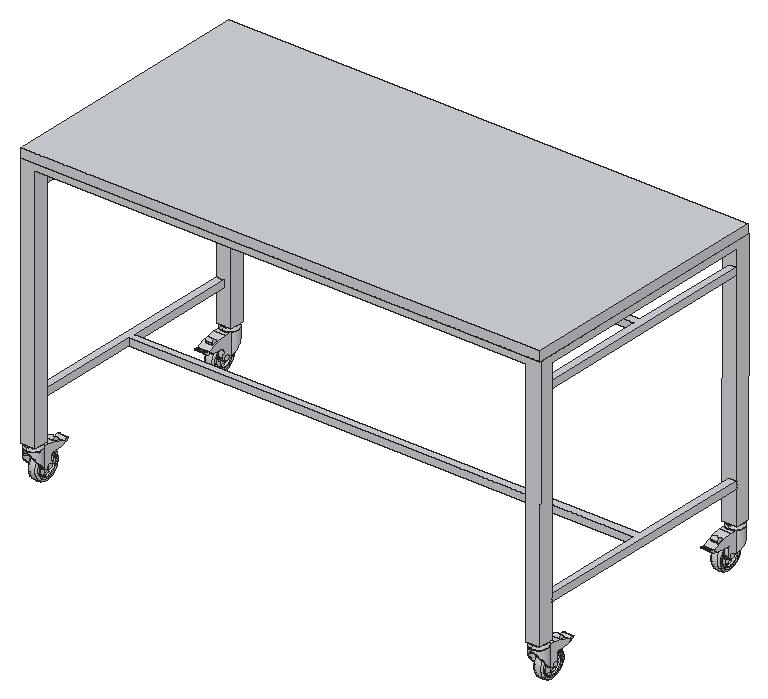
Revit family "Falcon-Table-80TS_1440", category Furniture, Revit 2017
Family settings
  OmniClass Number = 23.40.20.00
  OmniClass Title = General Furniture and Specialties
  Work Plane-Based = No
  Always vertical = Yes
  Cut with Voids When Loaded = No
  Shared = No
  Room Calculation Point = No
Parameters (values of type "36 x 72 x 42 wCasters")
  with Casters = yes
  Width A = 36.00"
  URL = "URL"
  Table Board Material [instance] = none
  Product Documentation Link = "URL"
  Model = "80ST-1440-367242-C"
  Manufacturer = "Manuf"
  Legs Offset = if(with Casters, 5.31", 0.00")  # 5.31"
  Keynote = ""
  Height F = 42.00"
  Frame Material [instance] = none
  Description = "Descripion"
  Depth B = 72.00"
  Copyright © = "Inc"
  Assembly Code = "E2020200"
Types (54): name | with Casters | Width A | Model | Legs Offset | Height F | Depth B
  24 x 48 x 29 | no | 24.00" | "80ST-1440-244830" | 0.00" | 29.00" | 48.00"
  24 x 48 x 36 | no | 24.00" | "80ST-1440-244836" | 0.00" | 36.00" | 48.00"
  24 x 48 x 42 | no | 24.00" | "80ST-1440-244842" | 0.00" | 42.00" | 48.00"
  24 x 60 x 29 | no | 24.00" | "80ST-1440-246030" | 0.00" | 29.00" | 60.00"
  24 x 60 x 36 | no | 24.00" | "80ST-1440-246036" | 0.00" | 36.00" | 60.00"
  24 x 60 x 42 | no | 24.00" | "80ST-1440-246042" | 0.00" | 42.00" | 60.00"
  24 x 72 x 29 | no | 24.00" | "80ST-1440-247230" | 0.00" | 29.00" | 72.00"
  24 x 72 x 36 | no | 24.00" | "80ST-1440-247236" | 0.00" | 36.00" | 72.00"
  24 x 72 x 42 | no | 24.00" | "80ST-1440-247242" | 0.00" | 42.00" | 72.00"
  30 x 48 x 29 | no | 30.00" | "80ST-1440-304830" | 0.00" | 29.00" | 48.00"
  30 x 48 x 36 | no | 30.00" | "80ST-1440-304836" | 0.00" | 36.00" | 48.00"
  30 x 48 x 42 | no | 30.00" | "80ST-1440-304842" | 0.00" | 42.00" | 48.00"
  30 x 60 x 29 | no | 30.00" | "80ST-1440-306030" | 0.00" | 29.00" | 60.00"
  30 x 60 x 36 | no | 30.00" | "80ST-1440-306036" | 0.00" | 36.00" | 60.00"
  30 x 60 x 42 | no | 30.00" | "80ST-1440-306042" | 0.00" | 42.00" | 60.00"
  30 x 72 x 29 | no | 30.00" | "80ST-1440-307230" | 0.00" | 29.00" | 72.00"
  30 x 72 x 36 | no | 30.00" | "80ST-1440-307236" | 0.00" | 36.00" | 72.00"
  30 x 72 x 42 | no | 30.00" | "80ST-1440-307242" | 0.00" | 42.00" | 72.00"
  36 x 48 x 29 | no | 36.00" | "80ST-1440-364830" | 0.00" | 29.00" | 48.00"
  36 x 48 x 36 | no | 36.00" | "80ST-1440-364836" | 0.00" | 36.00" | 48.00"
  36 x 48 x 42 | no | 36.00" | "80ST-1440-364842" | 0.00" | 42.00" | 48.00"
  36 x 60 x 29 | no | 36.00" | "80ST-1440-366030" | 0.00" | 29.00" | 60.00"
  36 x 60 x 36 | no | 36.00" | "80ST-1440-366036" | 0.00" | 36.00" | 60.00"
  36 x 60 x 42 | no | 36.00" | "80ST-1440-366042" | 0.00" | 42.00" | 60.00"
  36 x 72 x 29 | no | 36.00" | "80ST-1440-367230" | 0.00" | 29.00" | 72.00"
  36 x 72 x 36 | no | 36.00" | "80ST-1440-367236" | 0.00" | 36.00" | 72.00"
  36 x 72 x 42 | no | 36.00" | "80ST-1440-367242" | 0.00" | 42.00" | 72.00"
  24 x 48 x 29 wCasters | yes | 24.00" | "80ST-1440-244830-C" | 5.31" | 29.00" | 48.00"
  24 x 48 x 36 wCasters | yes | 24.00" | "80ST-1440-244836-C" | 5.31" | 36.00" | 48.00"
  24 x 48 x 42 wCasters | yes | 24.00" | "80ST-1440-244842-C" | 5.31" | 42.00" | 48.00"
  24 x 60 x 29 wCasters | yes | 24.00" | "80ST-1440-246030-C" | 5.31" | 29.00" | 60.00"
  24 x 60 x 36 wCasters | yes | 24.00" | "80ST-1440-246036-C" | 5.31" | 36.00" | 60.00"
  24 x 60 x 42 wCasters | yes | 24.00" | "80ST-1440-246042-C" | 5.31" | 42.00" | 60.00"
  24 x 72 x 29 wCasters | yes | 24.00" | "80ST-1440-247230-C" | 5.31" | 29.00" | 72.00"
  24 x 72 x 36 wCasters | yes | 24.00" | "80ST-1440-247236-C" | 5.31" | 36.00" | 72.00"
  24 x 72 x 42 wCasters | yes | 24.00" | "80ST-1440-247242-C" | 5.31" | 42.00" | 72.00"
  30 x 48 x 29 wCasters | yes | 30.00" | "80ST-1440-304830-C" | 5.31" | 29.00" | 48.00"
  30 x 48 x 36 wCasters | yes | 30.00" | "80ST-1440-304836-C" | 5.31" | 36.00" | 48.00"
  30 x 48 x 42 wCasters | yes | 30.00" | "80ST-1440-304842-C" | 5.31" | 42.00" | 48.00"
  30 x 60 x 29 wCasters | yes | 30.00" | "80ST-1440-306030-C" | 5.31" | 29.00" | 60.00"
  30 x 60 x 36 wCasters | yes | 30.00" | "80ST-1440-306036-C" | 5.31" | 36.00" | 60.00"
  30 x 60 x 42 wCasters | yes | 30.00" | "80ST-1440-306042-C" | 5.31" | 42.00" | 60.00"
  30 x 72 x 29 wCasters | yes | 30.00" | "80ST-1440-307230-C" | 5.31" | 29.00" | 72.00"
  30 x 72 x 36 wCasters | yes | 30.00" | "80ST-1440-307236-C" | 5.31" | 36.00" | 72.00"
  30 x 72 x 42 wCasters | yes | 30.00" | "80ST-1440-307242-C" | 5.31" | 42.00" | 72.00"
  36 x 48 x 29 wCasters | yes | 36.00" | "80ST-1440-364830-C" | 5.31" | 29.00" | 48.00"
  36 x 48 x 36 wCasters | yes | 36.00" | "80ST-1440-364836-C" | 5.31" | 36.00" | 48.00"
  36 x 48 x 42 wCasters | yes | 36.00" | "80ST-1440-364842-C" | 5.31" | 42.00" | 48.00"
  36 x 60 x 29 wCasters | yes | 36.00" | "80ST-1440-366030-C" | 5.31" | 29.00" | 60.00"
  36 x 60 x 36 wCasters | yes | 36.00" | "80ST-1440-366036-C" | 5.31" | 36.00" | 60.00"
  36 x 60 x 42 wCasters | yes | 36.00" | "80ST-1440-366042-C" | 5.31" | 42.00" | 60.00"
  36 x 72 x 29 wCasters | yes | 36.00" | "80ST-1440-367230-C" | 5.31" | 29.00" | 72.00"
  36 x 72 x 36 wCasters | yes | 36.00" | "80ST-1440-367236-C" | 5.31" | 36.00" | 72.00"
  36 x 72 x 42 wCasters | yes | 36.00" | "80ST-1440-367242-C" | 5.31" | 42.00" | 72.00"
Reference planes (in)
  plane 1 "Center (Front/Back)": y = 0
  plane 2: z = 0
  plane 3 "Center (Left/Right)": x = 0
  plane 4 "Top": z = 40.75
  plane 5: z = 5.31
  plane 6: z = 42
  plane 7: z = 10
  plane 8: z = 37.5
Dimensions and locks (in)
  plane 2 to plane 6 = 42.00"
  locked: plane 6 to plane 4 "Top" at 1.25
  locked: plane 7 to plane 2 at 10
  locked: plane 4 "Top" to plane 8 at 3.25
  "Legs Offset": plane 5 to plane 2
  "Height F": plane 6 to plane 2
  aligned and locked: level to plane 2
Nested families (in)
  nested 1: "Falcon-Table-80TS_1440 - Inner" at (0, 0, 0) x (0, 1, 0) z (0, 0, 1), Frame Material <- "Frame Material", Table Board Material <- "Table Board Material", type "24 x 48 x 29"
    with Table Board Material none, Frame Material none
Definition of nested family "Falcon-Table-80TS_1440 - Inner"
  Parameters (values of type "36 x 72 x 42 wCasters")
    with Casters = yes
    Width A = 36.00"
    URL = "URL"
    Table Board Material [instance] = none
    Product Documentation Link = "URL"
    Model = "80ST-1440-367242-C"
    Manufacturer = "Manuf"
    Legs Offset = if(with Casters, 5.31", 0.00")  # 5.31"
    Height F = 42.00"
    Frame Material [instance] = none
    Description = "Descripion"
    Depth B = 72.00"
    Copyright © = "Inc"
    Assembly Code = "E2020200"
  Types (54): name | with Casters | Width A | Model | Legs Offset | Height F | Depth B
    24 x 48 x 29 | no | 24.00" | "80ST-1440-244830" | 0.00" | 29.00" | 48.00"
    24 x 48 x 36 | no | 24.00" | "80ST-1440-244836" | 0.00" | 36.00" | 48.00"
    24 x 48 x 42 | no | 24.00" | "80ST-1440-244842" | 0.00" | 42.00" | 48.00"
    24 x 60 x 29 | no | 24.00" | "80ST-1440-246030" | 0.00" | 29.00" | 60.00"
    24 x 60 x 36 | no | 24.00" | "80ST-1440-246036" | 0.00" | 36.00" | 60.00"
    24 x 60 x 42 | no | 24.00" | "80ST-1440-246042" | 0.00" | 42.00" | 60.00"
    24 x 72 x 29 | no | 24.00" | "80ST-1440-247230" | 0.00" | 29.00" | 72.00"
    24 x 72 x 36 | no | 24.00" | "80ST-1440-247236" | 0.00" | 36.00" | 72.00"
    24 x 72 x 42 | no | 24.00" | "80ST-1440-247242" | 0.00" | 42.00" | 72.00"
    30 x 48 x 29 | no | 30.00" | "80ST-1440-304830" | 0.00" | 29.00" | 48.00"
    30 x 48 x 36 | no | 30.00" | "80ST-1440-304836" | 0.00" | 36.00" | 48.00"
    30 x 48 x 42 | no | 30.00" | "80ST-1440-304842" | 0.00" | 42.00" | 48.00"
    30 x 60 x 29 | no | 30.00" | "80ST-1440-306030" | 0.00" | 29.00" | 60.00"
    30 x 60 x 36 | no | 30.00" | "80ST-1440-306036" | 0.00" | 36.00" | 60.00"
    30 x 60 x 42 | no | 30.00" | "80ST-1440-306042" | 0.00" | 42.00" | 60.00"
    30 x 72 x 29 | no | 30.00" | "80ST-1440-307230" | 0.00" | 29.00" | 72.00"
    30 x 72 x 36 | no | 30.00" | "80ST-1440-307236" | 0.00" | 36.00" | 72.00"
    30 x 72 x 42 | no | 30.00" | "80ST-1440-307242" | 0.00" | 42.00" | 72.00"
    36 x 48 x 29 | no | 36.00" | "80ST-1440-364830" | 0.00" | 29.00" | 48.00"
    36 x 48 x 36 | no | 36.00" | "80ST-1440-364836" | 0.00" | 36.00" | 48.00"
    36 x 48 x 42 | no | 36.00" | "80ST-1440-364842" | 0.00" | 42.00" | 48.00"
    36 x 60 x 29 | no | 36.00" | "80ST-1440-366030" | 0.00" | 29.00" | 60.00"
    36 x 60 x 36 | no | 36.00" | "80ST-1440-366036" | 0.00" | 36.00" | 60.00"
    36 x 60 x 42 | no | 36.00" | "80ST-1440-366042" | 0.00" | 42.00" | 60.00"
    36 x 72 x 29 | no | 36.00" | "80ST-1440-367230" | 0.00" | 29.00" | 72.00"
    36 x 72 x 36 | no | 36.00" | "80ST-1440-367236" | 0.00" | 36.00" | 72.00"
    36 x 72 x 42 | no | 36.00" | "80ST-1440-367242" | 0.00" | 42.00" | 72.00"
    24 x 48 x 29 wCasters | yes | 24.00" | "80ST-1440-244830-C" | 5.31" | 29.00" | 48.00"
    24 x 48 x 36 wCasters | yes | 24.00" | "80ST-1440-244836-C" | 5.31" | 36.00" | 48.00"
    24 x 48 x 42 wCasters | yes | 24.00" | "80ST-1440-244842-C" | 5.31" | 42.00" | 48.00"
    24 x 60 x 29 wCasters | yes | 24.00" | "80ST-1440-246030-C" | 5.31" | 29.00" | 60.00"
    24 x 60 x 36 wCasters | yes | 24.00" | "80ST-1440-246036-C" | 5.31" | 36.00" | 60.00"
    24 x 60 x 42 wCasters | yes | 24.00" | "80ST-1440-246042-C" | 5.31" | 42.00" | 60.00"
    24 x 72 x 29 wCasters | yes | 24.00" | "80ST-1440-247230-C" | 5.31" | 29.00" | 72.00"
    24 x 72 x 36 wCasters | yes | 24.00" | "80ST-1440-247236-C" | 5.31" | 36.00" | 72.00"
    24 x 72 x 42 wCasters | yes | 24.00" | "80ST-1440-247242-C" | 5.31" | 42.00" | 72.00"
    30 x 48 x 29 wCasters | yes | 30.00" | "80ST-1440-304830-C" | 5.31" | 29.00" | 48.00"
    30 x 48 x 36 wCasters | yes | 30.00" | "80ST-1440-304836-C" | 5.31" | 36.00" | 48.00"
    30 x 48 x 42 wCasters | yes | 30.00" | "80ST-1440-304842-C" | 5.31" | 42.00" | 48.00"
    30 x 60 x 29 wCasters | yes | 30.00" | "80ST-1440-306030-C" | 5.31" | 29.00" | 60.00"
    30 x 60 x 36 wCasters | yes | 30.00" | "80ST-1440-306036-C" | 5.31" | 36.00" | 60.00"
    30 x 60 x 42 wCasters | yes | 30.00" | "80ST-1440-306042-C" | 5.31" | 42.00" | 60.00"
    30 x 72 x 29 wCasters | yes | 30.00" | "80ST-1440-307230-C" | 5.31" | 29.00" | 72.00"
    30 x 72 x 36 wCasters | yes | 30.00" | "80ST-1440-307236-C" | 5.31" | 36.00" | 72.00"
    30 x 72 x 42 wCasters | yes | 30.00" | "80ST-1440-307242-C" | 5.31" | 42.00" | 72.00"
    36 x 48 x 29 wCasters | yes | 36.00" | "80ST-1440-364830-C" | 5.31" | 29.00" | 48.00"
    36 x 48 x 36 wCasters | yes | 36.00" | "80ST-1440-364836-C" | 5.31" | 36.00" | 48.00"
    36 x 48 x 42 wCasters | yes | 36.00" | "80ST-1440-364842-C" | 5.31" | 42.00" | 48.00"
    36 x 60 x 29 wCasters | yes | 36.00" | "80ST-1440-366030-C" | 5.31" | 29.00" | 60.00"
    36 x 60 x 36 wCasters | yes | 36.00" | "80ST-1440-366036-C" | 5.31" | 36.00" | 60.00"
    36 x 60 x 42 wCasters | yes | 36.00" | "80ST-1440-366042-C" | 5.31" | 42.00" | 60.00"
    36 x 72 x 29 wCasters | yes | 36.00" | "80ST-1440-367230-C" | 5.31" | 29.00" | 72.00"
    36 x 72 x 36 wCasters | yes | 36.00" | "80ST-1440-367236-C" | 5.31" | 36.00" | 72.00"
    36 x 72 x 42 wCasters | yes | 36.00" | "80ST-1440-367242-C" | 5.31" | 42.00" | 72.00"
  Reference planes (in)
    plane 1 "Center (Front/Back)": y = 0
    plane 2: z = 0
    plane 3 "Center (Left/Right)": x = 0
    plane 4 "Left": x = -18
    plane 5 "Right": x = 18
    plane 6 "Back": y = 36
    plane 7 "Front": y = -36
    plane 8 "Top": z = 40.75
    plane 9: z = 5.31
    plane 10: z = 42
    plane 11: z = 10
    plane 12: z = 37.5
  Forms (in)
    Extrusion 1, solid, material <- "Frame Material"
      sketch origin (-33.29693, -60, 5.31) x (-1, 0, 0) y (0, -1, 0)
        loop
          line (-15.29693, -96) -> (-15.29693, -94) -> (-17.29693, -94) -> (-17.29693, -96) -> (-15.29693, -96)
        loop
          line (-15.29693, -24) -> (-17.29693, -24) -> (-17.29693, -26) -> (-15.29693, -26) -> (-15.29693, -24)
        loop
          line (-49.29693, -96) -> (-49.29693, -94) -> (-51.29693, -94) -> (-51.29693, -96) -> (-49.29693, -96)
        loop
          line (-49.29693, -24) -> (-51.29693, -24) -> (-51.29693, -26) -> (-49.29693, -26) -> (-49.29693, -24)
      from 0 to 35.44
    Extrusion 2, solid, material <- "Frame Material"
      sketch origin (-33.29693, -60, 10) x (-1, 0, 0) y (0, -1, 0)
        loop
          line (-49.29693, -96) -> (-17.29693, -96) -> (-17.29693, -95) -> (-32.79693, -95) -> (-32.79693, -25) -> (-17.29693, -25) -> (-17.29693, -24) -> (-49.29693, -24) -> (-49.29693, -25) -> (-33.79693, -25) -> (-33.79693, -95) -> (-49.29693, -95) -> (-49.29693, -96)
      from 0 to 1
    Extrusion 3, solid, material <- "Frame Material"
      sketch origin (-32.3073, -60, 37.5) x (-1, 0, 0) y (0, -1, 0)
        loop
          line (-48.3073, -96) -> (-16.3073, -96) -> (-16.3073, -95) -> (-31.8073, -95) -> (-31.8073, -25) -> (-16.3073, -25) -> (-16.3073, -24) -> (-48.3073, -24) -> (-48.3073, -25) -> (-32.8073, -25) -> (-32.8073, -95) -> (-48.3073, -95) -> (-48.3073, -96)
      from 0 to -1
    Extrusion 4, solid, material <- "Frame Material"
      sketch origin (13.6811, -60, 40.75) x (0, -1, 0) y (-1, 0, 0)
        loop
          line (-96, 31.6811) -> (-96, -4.3189) -> (-24, -4.3189) -> (-24, 31.6811) -> (-96, 31.6811)
        loop
          line (-95, 14.1811) -> (-25, 14.1811) -> (-25, 30.6811) -> (-95, 30.6811) -> (-95, 14.1811)
        loop
          line (-25, -3.3189) -> (-25, 13.1811) -> (-95, 13.1811) -> (-95, -3.3189) -> (-25, -3.3189)
      from 0 to 1
    Extrusion 5, solid, material <- "Frame Material"
      sketch origin (13.6811, -60, 40.75) x (0, -1, 0) y (-1, 0, 0)
        loop
          line (-95, 15.8311) -> (-86.15, 30.6811) -> (-87.56577, 30.6811) -> (-95, 17.24687) -> (-95, 15.8311)
        loop
          line (-25, 15.8311) -> (-25, 17.24532) -> (-32.43579, 30.6811) -> (-33.85, 30.6811) -> (-25, 15.8311)
        loop
          line (-25, 11.5311) -> (-33.85, -3.3189) -> (-32.43579, -3.3189) -> (-25, 10.11689) -> (-25, 11.5311)
        loop
          line (-87.56421, -3.3189) -> (-86.15, -3.3189) -> (-95, 11.5311) -> (-95, 10.11689) -> (-87.56421, -3.3189)
      from 0 to 0.25
    Extrusion 6, solid, material <- "Table Board Material"
      sketch origin (13.6811, -60, 40.75) x (0, -1, 0) y (-1, 0, 0)
        loop
          line (-96, 31.6811) -> (-96, -4.3189) -> (-24, -4.3189) -> (-24, 31.6811) -> (-96, 31.6811)
      from 0 to -1.25
  Cuts and joins
    joined: Extrusion 1, Extrusion 4
  Lines and regions (in)
    Masking region 1
      outline origin (-33.29693, -60, 10) x (-1, 0, 0) y (0, -1, 0)
        loop
          line (-15.29693, -96) -> (-15.29693, -24) -> (-51.29693, -24) -> (-51.29693, -96) -> (-15.29693, -96)
  Dimensions and locks (in)
    equal spacing: plane 7 "Front", plane 1 "Center (Front/Back)", plane 6 "Back"
    "Depth B": plane 7 "Front" to plane 6 "Back"
    equal spacing: plane 4 "Left", plane 3 "Center (Left/Right)", plane 5 "Right"
    "Width A": plane 4 "Left" to plane 5 "Right"
    plane 2 to plane 10 = 42.00"
    Extrusion 1 sketch curve to Extrusion 1 sketch curve = 2.00"
    locked: plane 4 "Left" to Extrusion 1 sketch curve at 2  (x2)
    locked: plane 7 "Front" to Extrusion 1 sketch curve at 2  (x2)
    locked: plane 6 "Back" to Extrusion 1 sketch curve at 2
    locked: Extrusion 1 sketch curve to plane 5 "Right" at 2
    locked: Extrusion 1 sketch curve to Extrusion 1 sketch curve at 2
    locked: plane 10 to plane 8 "Top" at 1.25
    locked: plane 11 to plane 2 at 10
    locked: plane 8 "Top" to plane 12 at 3.25
    locked: Extrusion 4 sketch curve to plane 5 "Right" at 1
    locked: plane 4 "Left" to Extrusion 4 sketch curve at 1
    locked: plane 7 "Front" to Extrusion 4 sketch curve at 1
    locked: plane 6 "Back" to Extrusion 4 sketch curve at 1
    cut or joined group of Extrusion 1, Extrusion 4 to Extrusion 3 = 2.25"
    "Legs Offset": plane 9 to plane 2
    locked: plane 4 "Left" to nested 3 at 1
    locked: plane 7 "Front" to nested 3 at 1
    locked: plane 6 "Back" to nested 2 at 1
    locked: plane 4 "Left" to nested 2 at 1
    locked: nested 4 to plane 5 "Right" at 1
    locked: nested 5 to plane 5 "Right" at 1
    locked: plane 7 "Front" to nested 5 at 1
    locked: plane 6 "Back" to nested 4 at 1
    "Height F": plane 10 to plane 2
    aligned and locked: level to plane 2
    aligned and locked: plane 3 "Center (Left/Right)" to nested 1
    aligned and locked: plane 1 "Center (Front/Back)" to nested 1
    aligned and locked: Extrusion 1 sketch curve to plane 6 "Back"  (x2)
    aligned and locked: plane 4 "Left" to Extrusion 1 sketch curve  (x2)
    aligned and locked: plane 7 "Front" to Extrusion 1 sketch curve  (x2)
    aligned and locked: Extrusion 1 sketch curve to plane 5 "Right"  (x2)
    aligned and locked: Extrusion 1 to plane 8 "Top"
    aligned and locked: Extrusion 3 sketch curve to Extrusion 3 sketch curve  (x2)
    aligned and locked: Extrusion 4 sketch curve to Extrusion 1  (x4)
    aligned and locked: Extrusion 4 sketch curve to Extrusion 4 sketch curve
    aligned and locked: Masking region 1 sketch curve to cut or joined group of Extrusion 1, Extrusion 4  (x4)
    aligned and locked: Extrusion 2 sketch curve to cut or joined group of Extrusion 1, Extrusion 4  (x4)
    aligned and locked: cut or joined group of Extrusion 1, Extrusion 4 to Extrusion 2 sketch curve  (x2)
    aligned and locked: cut or joined group of Extrusion 1, Extrusion 4 to Extrusion 3 sketch curve  (x4)
    aligned and locked: Extrusion 3 sketch curve to cut or joined group of Extrusion 1, Extrusion 4  (x2)
  Automatic sketch dimensions
    Extrusion 4 sketch curve to plane 3 "Center (Left/Right)" = 0.50"
    plane 3 "Center (Left/Right)" to Extrusion 4 sketch curve = 0.50"
    Extrusion 4 sketch curve to Extrusion 4 sketch curve = 0.00"
    Extrusion 6 sketch curve to plane 5 "Right" = 0.00"
    plane 6 "Back" to Extrusion 6 sketch curve = 0.00"
    Extrusion 6 sketch curve to plane 4 "Left" = 0.00"
    Extrusion 6 sketch curve to plane 7 "Front" = 0.00"
    Extrusion 5 sketch curve to plane 6 "Back" = 1.00"  (x2)
    plane 4 "Left" to Extrusion 5 sketch curve = 1.00"  (x2)
    Extrusion 5 sketch curve to plane 6 "Back" = 8.43423"
    plane 5 "Right" to Extrusion 5 sketch curve = 1.00"  (x2)
    Extrusion 5 sketch curve to plane 6 "Back" = 9.85"
    Extrusion 5 sketch curve to Extrusion 5 sketch curve = 1.41577"  (x2)
    Extrusion 5 sketch curve to plane 7 "Front" = 9.85"  (x2)
    Extrusion 5 sketch curve to Extrusion 5 sketch curve = 1.41421"  (x6)
    Extrusion 5 sketch curve to plane 7 "Front" = 1.00"  (x2)
    Extrusion 5 sketch curve to plane 3 "Center (Left/Right)" = 3.56577"
    Extrusion 5 sketch curve to plane 3 "Center (Left/Right)" = 3.56421"
    plane 3 "Center (Left/Right)" to Extrusion 5 sketch curve = 2.15"  (x2)
    Extrusion 2 sketch curve to plane 3 "Center (Left/Right)" = 0.50"
    Extrusion 2 sketch curve to Extrusion 2 sketch curve = 1.00"  (x2)
    Extrusion 2 sketch curve to Extrusion 2 sketch curve = 0.00"  (x2)
    plane 3 "Center (Left/Right)" to Extrusion 2 sketch curve = 0.50"
    Extrusion 3 sketch curve to plane 3 "Center (Left/Right)" = 0.50"
    Extrusion 3 sketch curve to Extrusion 3 sketch curve = 1.00"  (x2)
    plane 3 "Center (Left/Right)" to Extrusion 3 sketch curve = 0.50"
  Nested families (in)
    nested 1: "Label 1-16" at (0, 0, 0), type "Center"
      with Offset (LR) 0.00"
    nested 2: "Family1" at (-17, 35, 0) x (-1, 0, 0) z (0, 0, 1), visible <- "with Casters", type "Family1"
    nested 3: "Family1" at (-17, -35, 0) x (-1, 0, 0) z (0, 0, 1), visible <- "with Casters", type "Family1"
    nested 4: "Family1" at (17, 35, 0), visible <- "with Casters", type "Family1"
    nested 5: "Family1" at (17, -35, 0), visible <- "with Casters", type "Family1"
  Definition of nested family "Family1"
    Reference planes (in)
      plane 1 "Center (Front/Back)": y = 0
      plane 2: z = 0
      plane 3 "Center (Left/Right)": x = 0
      plane 4: x = -1.70986
    Forms (in)
      Extrusion 1, solid
        sketch origin (0, 0, 0) x (1, 0, 0) y (0, 0, 1)
          loop
            line (-0.6931, 2.05089) -> (-0.6931, 4.70245) -> (-1.73049, 4.70245)
            arc (-1.73049, 4.70245) -> (-3.14683, 4.41368) -> (-4.4624, 3.81479) r 6.40752
            line (-4.4624, 3.81479) -> (-4.22439, 3.59086)
            arc (-4.22439, 3.59086) -> (-4.11754, 3.51244) -> (-3.99247, 3.4686) r 0.4494
            arc (-3.99247, 3.4686) -> (-3.19116, 3.36767) -> (-2.38364, 3.38098) r 5.70127
            arc (-2.38364, 3.38098) -> (-2.16681, 3.29667) -> (-2.10173, 3.07332) r 0.26297
            arc (-2.10173, 3.07332) -> (-2.16845, 2.55102) -> (-2.18522, 2.02475) r 5.53292
            arc (-2.18522, 2.02475) -> (-1.93744, 1.59736) -> (-1.44359, 1.58449) r 0.50629
            arc (-1.44359, 1.58449) -> (-1.05989, 1.80409) -> (-0.6931, 2.05089) r 6.10385
        from -0.79724 to 0.79688
      Revolve 2, solid
        sketch origin (0, 0, 0) x (1, 0, 0) y (0, 0, 1)
          loop
            line (-1.18282, 4.64776) -> (-1.18282, 1.20245) -> (0, 1.20245) -> (0, 5.3133) -> (-0.83723, 5.3133)
            arc (-0.83723, 5.3133) -> (-0.96366, 5.27525) -> (-1.04809, 5.17373) r 0.22907
            line (-1.04809, 5.17373) -> (-1.18516, 4.85081) -> (-1.09708, 4.8272) -> (-1.06242, 4.8272) -> (-1.06242, 4.76817) -> (-1.18282, 4.64776)
          axis (0, 1.20245) -> (0, 5.3133)
        angle from 0 to 360
      Extrusion 3, void
        sketch origin (0, 0, 0) x (1, 0, 0) y (0, 0, 1)
          loop
            arc (1.29575, 4.77305) -> (0.49295, 3.27197) -> (-0.6931, 2.05089) r 6.10525
            arc (-0.6931, 2.05089) -> (-0.99404, 1.8456) -> (-1.30669, 1.65863) r 6.10385
            line (-1.30669, 1.65863) -> (-1.30669, 0.77305) -> (1.69331, 0.77305) -> (1.69331, 4.77305) -> (1.29575, 4.77305)
        from -1.89471 to 2.04226
      Extrusion 4, solid
        sketch origin (0, 0, 0) x (1, 0, 0) y (0, 0, 1)
          loop
            arc (-5.16618, 3.87188) -> (-4.83313, 3.67273) -> (-4.47649, 3.51977) r 2.90341
            arc (-4.47649, 3.51977) -> (-4.43926, 3.52732) -> (-4.42825, 3.56368) r 0.03704
            line (-4.42825, 3.56368) -> (-4.47149, 3.73709) -> (-4.53116, 3.84045)
            arc (-4.53116, 3.84045) -> (-4.79939, 3.92797) -> (-5.07757, 3.97516) r 1.91635
            arc (-5.07757, 3.97516) -> (-5.12695, 3.96175) -> (-5.15527, 3.91912) r 0.07272
            line (-5.15527, 3.91912) -> (-5.16618, 3.87188)
        from -0.70866 to 0.70866
      Extrusion 5, solid
        sketch origin (0, 0, 0) x (1, 0, 0) y (0, 0, 1)
          loop
            line (-4.40256, 3.75495) -> (-4.57475, 3.61046) -> (-4.45956, 3.47318) -> (-4.2416, 3.59399) -> (-4.40256, 3.75495)
          loop
            circle (-3.27399, 4.37089) r 0.32312
        from 0.47244 to -0.47244
      Extrusion 6, solid, detail levels fine
        sketch origin (0, 0, 0) x (1, 0, 0) y (0, 0, 1)
          loop
            circle (-1.70986, 1.97124) r 0.29404
        from -0.95472 to 0.95312
      Revolve 7, solid
        sketch origin (-1.70986, -180, 2.26527) x (0, 0, -1) y (0, -1, 0)
          loop
            arc (1.94024, -180.62992) -> (2.10489, -180.57437) -> (2.20223, -180.43043) r 0.27178
            arc (2.20223, -180.43043) -> (2.26527, -180) -> (2.20223, -179.56957) r 1.50099
            arc (2.20223, -179.56957) -> (2.10489, -179.42563) -> (1.94024, -179.37008) r 0.27178
            line (1.94024, -179.37008) -> (1.76926, -179.37008)
            arc (1.76926, -179.37008) -> (1.72856, -179.38632) -> (1.71021, -179.42611) r 0.05913
            line (1.71021, -179.42611) -> (1.69328, -179.74927)
            arc (1.69328, -179.74927) -> (1.64302, -179.85828) -> (1.53153, -179.90276) r 0.16197
            line (1.53153, -179.90276) -> (0.88569, -179.90276)
            arc (0.88569, -179.90276) -> (0.77294, -179.85834) -> (0.72076, -179.74896) r 0.16533
            line (0.72076, -179.74896) -> (0.69028, -179.31299) -> (0.28815, -179.31299) -> (0.28815, -180.68701) -> (0.69028, -180.68701) -> (0.72076, -180.25104)
            arc (0.72076, -180.25104) -> (0.77294, -180.14166) -> (0.88569, -180.09724) r 0.16533
            line (0.88569, -180.09724) -> (1.53153, -180.09724)
            arc (1.53153, -180.09724) -> (1.64302, -180.14172) -> (1.69328, -180.25073) r 0.16197
            line (1.69328, -180.25073) -> (1.71021, -180.57389)
            arc (1.71021, -180.57389) -> (1.72856, -180.61368) -> (1.76926, -180.62992) r 0.05913
            line (1.76926, -180.62992) -> (1.94024, -180.62992)
          axis (0.28815, -179.31299) -> (0.28815, -180.68701)
        angle from 0 to 360
      Revolve 8, void
        sketch origin (0, 0, 0) x (1, 0, 0) y (0, 0, 1)
          loop
            line (-1.09884, 4.71082) -> (-1.09884, 1.70245) -> (0, 1.70245) -> (0, 4.73965) -> (-1.07001, 4.73965) -> (-1.09884, 4.71082)
          axis (0, 1.70245) -> (0, 4.73965)
        angle from 0 to 360
    Cuts and joins
      Revolve 8 cuts Extrusion 1
      Extrusion 3, Revolve 8 cuts Revolve 2
      joined: Extrusion 1, Revolve 2
    Dimensions and locks (in)
      aligned and locked: plane 2 to level
    Automatic sketch dimensions
      Revolve 2 sketch curve to plane 3 "Center (Left/Right)" = 0.00"  (x2)
      Revolve 2 sketch curve to plane 3 "Center (Left/Right)" = 0.83723"
      Revolve 2 sketch curve to Revolve 2 sketch curve = 0.21086"
      Revolve 2 sketch curve to Revolve 2 sketch curve = 0.22519"
      Revolve 2 sketch curve to Revolve 2 sketch curve = 0.03466"
      Revolve 2 sketch curve to Revolve 2 sketch curve = 0.08809"
      Revolve 2 sketch curve to Revolve 2 sketch curve = 0.1204"
      Revolve 2 sketch curve to Revolve 2 sketch curve = 0.05904"
      Revolve 2 sketch curve to Revolve 2 sketch curve = 0.0236"
      Revolve 2 sketch curve to Revolve 2 sketch curve = 0.25702"
      level to Revolve 2 sketch curve = 1.20245"
      Revolve 2 sketch curve to Revolve 2 sketch curve = 0.00"
      Revolve 2 sketch curve to Revolve 2 sketch curve = 0.61507"
      Revolve 2 sketch curve to plane 3 "Center (Left/Right)" = 1.18282"
      Revolve 2 sketch curve to Revolve 2 sketch curve = 3.44532"
      plane 3 "Center (Left/Right)" to Extrusion 3 sketch curve = 1.29575"
      level to Extrusion 3 sketch curve = 0.77305"
      plane 3 "Center (Left/Right)" to Extrusion 3 sketch curve = 1.69331"
      Extrusion 4 sketch curve to plane 3 "Center (Left/Right)" = 5.25812"
      Extrusion 4 sketch curve to Extrusion 4 sketch curve = 0.09195"
      level to Extrusion 4 sketch curve = 3.91912"
      Extrusion 4 sketch curve to Extrusion 4 sketch curve = 0.01091"
      Extrusion 4 sketch curve to Extrusion 4 sketch curve = 0.07085"
      Extrusion 4 sketch curve to Extrusion 4 sketch curve = 0.55326"
      Extrusion 4 sketch curve to Extrusion 4 sketch curve = 0.05967"
      Extrusion 4 sketch curve to Extrusion 4 sketch curve = 0.00729"
      Extrusion 4 sketch curve to Extrusion 4 sketch curve = 0.03594"
      Extrusion 4 sketch curve to Extrusion 4 sketch curve = 1.01823"
      Extrusion 4 sketch curve to Extrusion 4 sketch curve = 0.01636"
      Extrusion 4 sketch curve to Extrusion 4 sketch curve = 0.06232"
      Extrusion 4 sketch curve to Extrusion 4 sketch curve = 0.10336"
      Extrusion 4 sketch curve to Extrusion 4 sketch curve = 0.17341"
      Extrusion 4 sketch curve to Extrusion 4 sketch curve = 0.00896"
      Extrusion 4 sketch curve to Extrusion 4 sketch curve = 1.48738"
      Extrusion 4 sketch curve to Extrusion 4 sketch curve = 2.41818"
      Extrusion 6 sketch curve to plane 3 "Center (Left/Right)" = 1.70986"
      level to Extrusion 6 sketch curve = 1.97124"
      Revolve 7 sketch curve to plane 1 "Center (Front/Back)" = 0.00"
      Revolve 7 sketch curve to plane 1 "Center (Front/Back)" = 0.68701"
      level to Revolve 7 sketch curve = 1.97713"
      Revolve 7 sketch curve to Revolve 7 sketch curve = 0.40213"  (x2)
      plane 1 "Center (Front/Back)" to Revolve 7 sketch curve = 0.25104"
      Revolve 7 sketch curve to Revolve 7 sketch curve = 0.03049"  (x2)
      Revolve 7 sketch curve to plane 1 "Center (Front/Back)" = 0.25104"
      Revolve 7 sketch curve to Revolve 7 sketch curve = 0.04352"
      Revolve 7 sketch curve to Revolve 7 sketch curve = 0.16493"
      Revolve 7 sketch curve to plane 1 "Center (Front/Back)" = 0.09724"
      Revolve 7 sketch curve to Revolve 7 sketch curve = 0.64584"
      Revolve 7 sketch curve to Revolve 7 sketch curve = 0.00"  (x3)
      plane 1 "Center (Front/Back)" to Revolve 7 sketch curve = 0.25073"
      Revolve 7 sketch curve to Revolve 7 sketch curve = 0.16175"  (x2)
      Revolve 7 sketch curve to plane 1 "Center (Front/Back)" = 0.25073"
      Revolve 7 sketch curve to Revolve 7 sketch curve = 0.01694"  (x2)
      Revolve 7 sketch curve to Revolve 7 sketch curve = 0.05905"  (x2)
      Revolve 7 sketch curve to Revolve 7 sketch curve = 0.17099"
      Revolve 7 sketch curve to Revolve 7 sketch curve = 0.24697"
      Revolve 7 sketch curve to Revolve 7 sketch curve = 0.10741"  (x2)
      plane 1 "Center (Front/Back)" to Revolve 7 sketch curve = 0.09724"
      level to Revolve 7 sketch curve = 0.06304"
      Revolve 7 sketch curve to Revolve 7 sketch curve = 0.73646"
      plane 4 to Extrusion 5 sketch curve = 2.86489"
      Extrusion 5 sketch curve to Extrusion 5 sketch curve = 0.11519"
      Extrusion 5 sketch curve to Extrusion 5 sketch curve = 0.17219"
      Extrusion 5 sketch curve to Extrusion 5 sketch curve = 0.16095"
      Extrusion 5 sketch curve to Extrusion 5 sketch curve = 0.96761"
      level to Extrusion 5 sketch curve = 3.47318"
      Extrusion 5 sketch curve to Extrusion 5 sketch curve = 0.12081"
      Extrusion 5 sketch curve to Extrusion 5 sketch curve = 0.13728"
      Extrusion 5 sketch curve to Extrusion 5 sketch curve = 0.7769"
      plane 4 to Extrusion 1 sketch curve = 2.75255"
      plane 4 to Extrusion 1 sketch curve = 2.57187"
      Extrusion 1 sketch curve to Extrusion 1 sketch curve = 0.23801"
      Extrusion 1 sketch curve to Extrusion 1 sketch curve = 0.31641"
      plane 4 to Extrusion 1 sketch curve = 1.17126"
      plane 4 to Extrusion 1 sketch curve = 0.65084"
      plane 4 to Extrusion 1 sketch curve = 0.02063"
      Extrusion 1 sketch curve to plane 4 = 0.03086"
      Extrusion 1 sketch curve to plane 4 = 0.54306"
      Extrusion 1 sketch curve to level = 1.68023"
      level to Extrusion 1 sketch curve = 2.03272"
      level to Extrusion 1 sketch curve = 2.11184"
      Extrusion 1 sketch curve to Extrusion 1 sketch curve = 1.0863"
      Extrusion 1 sketch curve to Extrusion 1 sketch curve = 0.47184"
      Extrusion 1 sketch curve to Extrusion 1 sketch curve = 0.22394"
      Extrusion 1 sketch curve to Extrusion 1 sketch curve = 0.31914"
      Extrusion 1 sketch curve to Extrusion 1 sketch curve = 2.07213"
      Extrusion 1 sketch curve to Extrusion 1 sketch curve = 0.00"  (x4)
      Extrusion 1 sketch curve to Extrusion 1 sketch curve = 0.50623"
      Extrusion 1 sketch curve to Extrusion 1 sketch curve = 0.75049"
      Extrusion 1 sketch curve to Extrusion 1 sketch curve = 0.4664"
      plane 3 "Center (Left/Right)" to Extrusion 1 sketch curve = 3.34701"
      Extrusion 3 sketch curve to Extrusion 3 sketch curve = 0.88558"
      Extrusion 3 sketch curve to plane 4 = 0.40317"
      plane 4 to Extrusion 3 sketch curve = 2.57187"
      Extrusion 3 sketch curve to Extrusion 3 sketch curve = 2.21533"
      Extrusion 3 sketch curve to Extrusion 3 sketch curve = 0.15502"
      Extrusion 3 sketch curve to Extrusion 3 sketch curve = 0.11471"
      Extrusion 3 sketch curve to Extrusion 3 sketch curve = 0.61359"
      Revolve 8 sketch curve to plane 3 "Center (Left/Right)" = 0.00"  (x2)
      Revolve 8 sketch curve to plane 4 = 0.63985"
      Revolve 8 sketch curve to Revolve 8 sketch curve = 0.02883"  (x2)
      level to Revolve 8 sketch curve = 1.70245"
      Revolve 8 sketch curve to Revolve 8 sketch curve = 3.00837"
      Revolve 8 sketch curve to Revolve 8 sketch curve = 0.00"
      Revolve 8 sketch curve to Revolve 8 sketch curve = 0.37019"
      radius of Extrusion 6 sketch curve = 0.29404"
      radius of Extrusion 5 sketch curve = 0.32312"
  Definition of nested family "Label 1-16"
    Parameters (values of type "Center")
      P_Width = 0.00"
      Text_Width = "Empty"
      Text_Height = "Empty"
      Text_Diameter = "Empty"
      Text_Depth = "Empty"
      Offset (LR) [instance] = 0.00"
      Model Name = "6961"
      P_Height = 0.00"
      Distance of Center (not Change) = 0.00"
      P_Diameter = 0.00"
      P_Depth = 0.00"
    Reference planes (in)
      plane 1: y = 0
      plane 2: x = 0
    Lines and regions (in)
      reference lines
        curve 1: line (-0.44359, 0, 0) -> (0.41085, 0, 0)
        curve 3: line (0, 0.32564, 0) -> (0, -0.40221, 0)
      reference lines, not visible
        curve 2: line (-0.44359, 0.09843, 0) -> (0.41085, 0.09843, 0)
        curve 4: line (0, 0.42407, 0) -> (0, -0.30379, 0)
    Text (in)
      label "Empty" at (0.00197, -0.0079, 0), shows "Model Name"
      label "Empty" at (0.00197, 0.09052, 0), shows "Model Name", not visible
    Dimensions and locks (in)
      "Distance of Center (not Change)": plane 1 to curve 1
      "Offset (LR)": curve 3 to plane 2
    Automatic sketch dimensions
      curve 1 to curve 3 = 0.44359"
      curve 3 to curve 1 = 0.41085"
      curve 3 to curve 1 = 0.40221"
      curve 1 to curve 3 = 0.32564"
      curve 2 to curve 4 = 0.44359"
      curve 4 to curve 2 = 0.41085"
      curve 4 to curve 2 = 0.40221"
      curve 2 to curve 4 = 0.32564"
